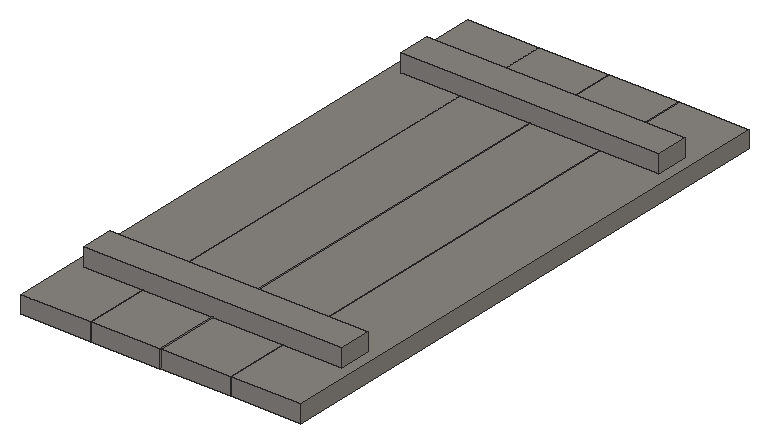
Revit family "Shutter-Wood-Fypon-Board_Batten", category Specialty Equipment, host Face, Revit 2017
Family settings
  Host = Face
  Round Connector Dimension = Use Diameter
  Part Type = Normal
  OmniClass Number = 23.30.60.11.14
  OmniClass Title = Exterior Shutters
  Cut with Voids When Loaded = No
  Shared = No
  Room Calculation Point = No
Parameters (values of type "default load type catalog")
  Z Batten = no
  Width = 2' - 0"
  URL = "http://www.fypon.com/default.asp"
  Type Comments = "default load type catalog"
  Specification = "http://www.fypon.com/csi-specification.aspx"
  Product Page URL = "http://www.fypon.com/products/shutters.asp"
  Product Name = "Board and Batten Shutter"  # constant formula
  Product Documentation Link = "http://www.fypon.com/docs/17_TimberStoneCatalog.pdf"
  Model = "default loat type catalog"
  Manufacturer = "Fypon"  # constant formula
  Height = 4' - 0"
  Finish = Wood-Fypon-Rough_Sawn
  End Batten Offset = if(End Batten, 0' 0", 0' 5 77/128")  # 0' - 5 77/128"
  End Batten = no
  Description = "Rough Sawn Cedar Shutters"  # constant formula
  Default Elevation = 4' - 0"
  Board Width = if([2 Board], Width / 2, if([3 Board], Width / 3, Width / 4))  # 0' - 6"
  Board Depth = 0' - 1 1/2"  # constant formula
  Assembly Code = "B20"
  4 Board = or(Width = 2' 0", Width > 2' 0")  # yes
  3rd Board = or([3 Board], [4 Board])  # yes
  3 Board = or(Width = 1' 2", and(Width < 2' 0", Width > 1' 2"))  # no
  3 Batten = no
  2 Board = Width < 1' 2"  # no
  2 Batten = not(or([3 Batten], End Batten))  # yes
Reference planes (in)
  plane 1 "Center (Front/Back)": y = 0
  plane 2: z = 0
  plane 3 "Center (Left/Right)": x = 0
  plane 4 "Left": x = -12
  plane 5 "Right": x = 12
  plane 6 "Top": y = 24
  plane 7 "Bottom": y = -24
  plane 8: z = 1.5
  plane 9 "Front": z = 3
  plane 10 "Board 1": x = -6
  plane 11 "Board 2": x = 0
  plane 12 "Board 3": x = 6
  plane 13 "Board 4": x = 12
  plane 14 "Top Batten": y = 18.39844
  plane 15 "Bottom Batten": y = -18.39844
Forms (in)
  Extrusion 1, solid, material "Wood-Fypon-Rough_Sawn" <- "Finish", detail levels fine
    sketch origin (0, 0, 0) x (1, 0, 0) y (0, 1, 0)
      loop
        line (-12, -24) -> (-6, -24) -> (-6, 24) -> (-12, 24) -> (-12, -24)
    from 0 to 1.5
  Extrusion 2, solid, material "Wood-Fypon-Rough_Sawn" <- "Finish", detail levels fine
    sketch origin (0, 0, 0) x (1, 0, 0) y (0, 1, 0)
      loop
        line (-6, -24) -> (0, -24) -> (0, 24) -> (-6, 24) -> (-6, -24)
    from 0 to 1.5
  Extrusion 3, solid, material "Wood-Fypon-Rough_Sawn" <- "Finish", visible <- "3rd Board", detail levels fine
    sketch origin (0, 0, 0) x (1, 0, 0) y (0, 1, 0)
      loop
        line (0, -24) -> (6, -24) -> (6, 24) -> (0, 24) -> (0, -24)
    from 0 to 1.5
  Extrusion 4, solid, material "Wood-Fypon-Rough_Sawn" <- "Finish", visible <- "4 Board", detail levels fine
    sketch origin (0, 0, 0) x (1, 0, 0) y (0, 1, 0)
      loop
        line (6, -24) -> (12, -24) -> (12, 24) -> (6, 24) -> (6, -24)
    from 0 to 1.5
  Extrusion 5, solid, material "Wood-Fypon-Rough_Sawn" <- "Finish", detail levels medium+fine
    sketch origin (0, 0, 0) x (1, 0, 0) y (0, 1, 0)
      loop
        line (-11.04, 15.59844) -> (11.04, 15.59844) -> (11.04, 18.39844) -> (-11.04, 18.39844) -> (-11.04, 15.59844)
      loop
        line (-11.04, -15.59844) -> (-11.04, -18.39844) -> (11.04, -18.39844) -> (11.04, -15.59844) -> (-11.04, -15.59844)
    from 1.5 to 3
  Extrusion 6, solid, material "Wood-Fypon-Rough_Sawn" <- "Finish", visible <- "3 Batten", detail levels medium+fine
    sketch origin (0, 0, 0) x (1, 0, 0) y (0, 1, 0)
      loop
        line (-11.04, 1.4) -> (-11.04, -1.4) -> (11.04, -1.4) -> (11.04, 1.4) -> (-11.04, 1.4)
    from 1.5 to 3
  Extrusion 7, solid, material "Wood-Fypon-Rough_Sawn" <- "Finish", visible <- "Z Batten", detail levels medium+fine
    sketch origin (0, 0, 0) x (1, 0, 0) y (0, 1, 0)
      loop
        line (-7.77062, -15.59844) -> (11.03497, 15.59844) -> (7.76559, 15.59844) -> (-11.04, -15.59844) -> (-7.77062, -15.59844)
    from 1.5 to 3
  Extrusion 8, solid, material "Wood-Fypon-Rough_Sawn" <- "Finish", detail levels coarse+medium
    sketch origin (0, 0, 0) x (1, 0, 0) y (0, 1, 0)
      loop
        line (-12, -24) -> (12, -24) -> (12, 24) -> (-12, 24) -> (-12, -24)
    from 0 to 1.5
Dimensions and locks (in)
  equal spacing: plane 6 "Top", plane 1 "Center (Front/Back)", plane 7 "Bottom"
  "Height": plane 6 "Top" to plane 7 "Bottom"
  equal spacing: plane 4 "Left", plane 3 "Center (Left/Right)", plane 5 "Right"
  "Width": plane 4 "Left" to plane 5 "Right"
  "Board Depth": plane 8 to level
  "Board Width": plane 4 "Left" to plane 10 "Board 1"
  "Board Width": plane 10 "Board 1" to plane 11 "Board 2"
  "Board Width": plane 11 "Board 2" to plane 12 "Board 3"
  "Board Width": plane 12 "Board 3" to plane 13 "Board 4"
  locked: plane 14 "Top Batten" to Extrusion 5 sketch curve at 2.8
  plane 4 "Left" to Extrusion 5 sketch curve to Extrusion 5 sketch curve = 0' - 0.96" locked, 0' - 0" locked
  Extrusion 5 sketch curve to Extrusion 5 sketch curve to plane 5 "Right" = 0' - 0" locked, 0' - 0.96" locked
  "End Batten Offset": plane 6 "Top" to plane 14 "Top Batten"
  "End Batten Offset": plane 15 "Bottom Batten" to plane 7 "Bottom"
  locked: Extrusion 5 sketch curve to plane 15 "Bottom Batten" at 2.8
  "Board Depth": plane 9 "Front" to plane 8
  Extrusion 6 sketch curve to plane 1 "Center (Front/Back)" to Extrusion 6 sketch curve = 0' - 1.4" locked, 0' - 1.4" locked
  locked: plane 4 "Left" to Extrusion 6 sketch curve at 0.96
  locked: Extrusion 6 sketch curve to plane 5 "Right" at 0.96
  locked: Extrusion 7 sketch curve to plane 15 "Bottom Batten" at 2.8
  locked: plane 14 "Top Batten" to Extrusion 7 sketch curve at 2.8
  locked: Extrusion 7 sketch curve to plane 5 "Right" at 0.96503
  locked: plane 4 "Left" to Extrusion 7 sketch curve at 0.96
  locked: Extrusion 7 sketch curve to Extrusion 7 sketch curve at 2.8
  aligned and locked: plane 2 to host face
  aligned and locked: level to host face
  aligned and locked: Extrusion 1 sketch curve to plane 7 "Bottom"
  aligned and locked: plane 4 "Left" to Extrusion 1 sketch curve
  aligned and locked: plane 6 "Top" to Extrusion 1 sketch curve
  aligned and locked: Extrusion 1 sketch curve to plane 10 "Board 1"
  aligned and locked: Extrusion 1 to level
  aligned and locked: plane 8 to Extrusion 1
  aligned and locked: plane 10 "Board 1" to Extrusion 2 sketch curve
  aligned and locked: plane 6 "Top" to Extrusion 2 sketch curve
  aligned and locked: Extrusion 2 sketch curve to plane 11 "Board 2"
  aligned and locked: Extrusion 2 sketch curve to plane 7 "Bottom"
  aligned and locked: Extrusion 2 to level
  aligned and locked: plane 8 to Extrusion 2
  aligned and locked: plane 11 "Board 2" to Extrusion 3 sketch curve
  aligned and locked: plane 6 "Top" to Extrusion 3 sketch curve
  aligned and locked: Extrusion 3 sketch curve to plane 12 "Board 3"
  aligned and locked: Extrusion 3 sketch curve to plane 7 "Bottom"
  aligned and locked: Extrusion 3 to level
  aligned and locked: plane 8 to Extrusion 3
  aligned and locked: plane 12 "Board 3" to Extrusion 4 sketch curve
  aligned and locked: plane 6 "Top" to Extrusion 4 sketch curve
  aligned and locked: Extrusion 4 sketch curve to plane 13 "Board 4"
  aligned and locked: Extrusion 4 sketch curve to plane 7 "Bottom"
  aligned and locked: Extrusion 4 to level
  aligned and locked: plane 8 to Extrusion 4
  aligned and locked: plane 14 "Top Batten" to Extrusion 5 sketch curve
  aligned and locked: Extrusion 5 to plane 8
  aligned and locked: plane 9 "Front" to Extrusion 5
  aligned and locked: plane 15 "Bottom Batten" to Extrusion 5 sketch curve
  aligned and locked: Extrusion 6 to plane 8
  aligned and locked: plane 9 "Front" to Extrusion 6
  aligned and locked: Extrusion 7 to plane 8
  aligned and locked: plane 9 "Front" to Extrusion 7
  aligned and locked: plane 4 "Left" to Extrusion 8 sketch curve
  aligned and locked: Extrusion 8 sketch curve to plane 5 "Right"
  aligned and locked: plane 6 "Top" to Extrusion 8 sketch curve
  aligned and locked: Extrusion 8 sketch curve to plane 7 "Bottom"
  aligned and locked: Extrusion 8 to level
  aligned and locked: plane 8 to Extrusion 8
Automatic sketch dimensions
  host sketch curve to host sketch curve = 8' - 0"  (x2)
Types in the file's own list only (144): name | Z Batten | Width | Type Comments | Model | Height | End Batten Offset | End Batten | Board Width | 4 Board | 3rd Board | 3 Board | 3 Batten | 2 Board | 2 Batten
  2 Batten 12 x 24 | No | 1' - 0" | "2 Board, 2 Batten" | "SH2PC12X24RS" | 2' - 0" | 0' - 5 19/32" | No | 0' - 6" | No | No | No | No | Yes | Yes
  2 Batten 12 x 36 | No | 1' - 0" | "2 Board, 2 Batten" | "SH2PC12X36RS" | 3' - 0" | 0' - 5 19/32" | No | 0' - 6" | No | No | No | No | Yes | Yes
  2 Batten 12 x 48 | No | 1' - 0" | "2 Board, 2 Batten" | "SH2PC12X48RS" | 4' - 0" | 0' - 5 19/32" | No | 0' - 6" | No | No | No | No | Yes | Yes
  2 Batten 12 x 60 | No | 1' - 0" | "2 Board, 2 Batten" | "SH2PC12X60RS" | 5' - 0" | 0' - 5 19/32" | No | 0' - 6" | No | No | No | No | Yes | Yes
  2 Batten 12 x 72 | No | 1' - 0" | "2 Board, 2 Batten" | "SH2PC12X72RS" | 6' - 0" | 0' - 5 19/32" | No | 0' - 6" | No | No | No | No | Yes | Yes
  2 Batten 12 x 84 | No | 1' - 0" | "2 Board, 2 Batten" | "SH2PC12X84RS" | 7' - 0" | 0' - 5 19/32" | No | 0' - 6" | No | No | No | No | Yes | Yes
  2 Batten 12 x 96 | No | 1' - 0" | "2 Board, 2 Batten" | "SH2PC12X96RS" | 8' - 0" | 0' - 5 19/32" | No | 0' - 6" | No | No | No | No | Yes | Yes
  2 Batten 12 x 108 | No | 1' - 0" | "2 Board, 2 Batten" | "SH2PC12X108RS" | 9' - 0" | 0' - 5 19/32" | No | 0' - 6" | No | No | No | No | Yes | Yes
  2 Batten 12 x 120 | No | 1' - 0" | "2 Board, 2 Batten" | "SH2PC12X120RS" | 10' - 0" | 0' - 5 19/32" | No | 0' - 6" | No | No | No | No | Yes | Yes
  3 Batten 12 x 24 | No | 1' - 0" | "2 Board, 3 Batten" | "SH2P3BC12X24RS" | 2' - 0" | 0' - 5 19/32" | No | 0' - 6" | No | No | No | Yes | Yes | No
  3 Batten 12 x 36 | No | 1' - 0" | "2 Board, 3 Batten" | "SH2P3BC12X36RS" | 3' - 0" | 0' - 5 19/32" | No | 0' - 6" | No | No | No | Yes | Yes | No
  3 Batten 12 x 48 | No | 1' - 0" | "2 Board, 3 Batten" | "SH2P3BC12X48RS" | 4' - 0" | 0' - 5 19/32" | No | 0' - 6" | No | No | No | Yes | Yes | No
  3 Batten 12 x 60 | No | 1' - 0" | "2 Board, 3 Batten" | "SH2P3BC12X60RS" | 5' - 0" | 0' - 5 19/32" | No | 0' - 6" | No | No | No | Yes | Yes | No
  3 Batten 12 x 72 | No | 1' - 0" | "2 Board, 3 Batten" | "SH2P3BC12X72RS" | 6' - 0" | 0' - 5 19/32" | No | 0' - 6" | No | No | No | Yes | Yes | No
  3 Batten 12 x 84 | No | 1' - 0" | "2 Board, 3 Batten" | "SH2P3BC12X84RS" | 7' - 0" | 0' - 5 19/32" | No | 0' - 6" | No | No | No | Yes | Yes | No
  3 Batten 12 x 96 | No | 1' - 0" | "2 Board, 3 Batten" | "SH2P3BC12X96RS" | 8' - 0" | 0' - 5 19/32" | No | 0' - 6" | No | No | No | Yes | Yes | No
  3 Batten 12 x 108 | No | 1' - 0" | "2 Board, 3 Batten" | "SH2P3BC12X108RS" | 9' - 0" | 0' - 5 19/32" | No | 0' - 6" | No | No | No | Yes | Yes | No
  3 Batten 12 x 120 | No | 1' - 0" | "2 Board, 3 Batten" | "SH2P3BC12X120RS" | 10' - 0" | 0' - 5 19/32" | No | 0' - 6" | No | No | No | Yes | Yes | No
  End Batten 12 x 24 | No | 1' - 0" | "2 Board, End Batten" | "SH2PEBC12X24RS" | 2' - 0" | 0' - 0" | Yes | 0' - 6" | No | No | No | No | Yes | No
  End Batten 12 x 36 | No | 1' - 0" | "2 Board, End Batten" | "SH2PEBC12X36RS" | 3' - 0" | 0' - 0" | Yes | 0' - 6" | No | No | No | No | Yes | No
  End Batten 12 x 48 | No | 1' - 0" | "2 Board, End Batten" | "SH2PEBC12X48RS" | 4' - 0" | 0' - 0" | Yes | 0' - 6" | No | No | No | No | Yes | No
  End Batten 12 x 60 | No | 1' - 0" | "2 Board, End Batten" | "SH2PEBC12X60RS" | 5' - 0" | 0' - 0" | Yes | 0' - 6" | No | No | No | No | Yes | No
  End Batten 12 x 72 | No | 1' - 0" | "2 Board, End Batten" | "SH2PEBC12X72RS" | 6' - 0" | 0' - 0" | Yes | 0' - 6" | No | No | No | No | Yes | No
  End Batten 12 x 84 | No | 1' - 0" | "2 Board, End Batten" | "SH2PEBC12X84RS" | 7' - 0" | 0' - 0" | Yes | 0' - 6" | No | No | No | No | Yes | No
  End Batten 12 x 96 | No | 1' - 0" | "2 Board, End Batten" | "SH2PEBC12X96RS" | 8' - 0" | 0' - 0" | Yes | 0' - 6" | No | No | No | No | Yes | No
  End Batten 12 x 108 | No | 1' - 0" | "2 Board, End Batten" | "SH2PEBC12X108RS" | 9' - 0" | 0' - 0" | Yes | 0' - 6" | No | No | No | No | Yes | No
  End Batten 12 x 120 | No | 1' - 0" | "2 Board, End Batten" | "SH2PEBC12X120RS" | 10' - 0" | 0' - 0" | Yes | 0' - 6" | No | No | No | No | Yes | No
  Z Batten 12 x 24 | Yes | 1' - 0" | "2 Board, Z Batten" | "SH2PZC12X24RS" | 2' - 0" | 0' - 5 19/32" | No | 0' - 6" | No | No | No | No | Yes | Yes
  Z Batten 12 x 36 | Yes | 1' - 0" | "2 Board, Z Batten" | "SH2PZC12X36RS" | 3' - 0" | 0' - 5 19/32" | No | 0' - 6" | No | No | No | No | Yes | Yes
  Z Batten 12 x 48 | Yes | 1' - 0" | "2 Board, Z Batten" | "SH2PZC12X48RS" | 4' - 0" | 0' - 5 19/32" | No | 0' - 6" | No | No | No | No | Yes | Yes
  Z Batten 12 x 60 | Yes | 1' - 0" | "2 Board, Z Batten" | "SH2PZC12X60RS" | 5' - 0" | 0' - 5 19/32" | No | 0' - 6" | No | No | No | No | Yes | Yes
  Z Batten 12 x 72 | Yes | 1' - 0" | "2 Board, Z Batten" | "SH2PZC12X72RS" | 6' - 0" | 0' - 5 19/32" | No | 0' - 6" | No | No | No | No | Yes | Yes
  Z Batten 12 x 84 | Yes | 1' - 0" | "2 Board, Z Batten" | "SH2PZC12X84RS" | 7' - 0" | 0' - 5 19/32" | No | 0' - 6" | No | No | No | No | Yes | Yes
  Z Batten 12 x 96 | Yes | 1' - 0" | "2 Board, Z Batten" | "SH2PZC12X96RS" | 8' - 0" | 0' - 5 19/32" | No | 0' - 6" | No | No | No | No | Yes | Yes
  Z Batten 12 x 108 | Yes | 1' - 0" | "2 Board, Z Batten" | "SH2PZC12X108RS" | 9' - 0" | 0' - 5 19/32" | No | 0' - 6" | No | No | No | No | Yes | Yes
  Z Batten 12 x 120 | Yes | 1' - 0" | "2 Board, Z Batten" | "SH2PZC12X120RS" | 10' - 0" | 0' - 5 19/32" | No | 0' - 6" | No | No | No | No | Yes | Yes
  2 Batten 14 x 24 | No | 1' - 2" | "3 Board, 2 Batten" | "SH3PC14X24RS" | 2' - 0" | 0' - 5 19/32" | No | 0' - 4 21/32" | No | Yes | Yes | No | No | Yes
  2 Batten 14 x 36 | No | 1' - 2" | "3 Board, 2 Batten" | "SH3PC14X36RS" | 3' - 0" | 0' - 5 19/32" | No | 0' - 4 21/32" | No | Yes | Yes | No | No | Yes
  2 Batten 14 x 48 | No | 1' - 2" | "3 Board, 2 Batten" | "SH3PC14X48RS" | 4' - 0" | 0' - 5 19/32" | No | 0' - 4 21/32" | No | Yes | Yes | No | No | Yes
  2 Batten 14 x 60 | No | 1' - 2" | "3 Board, 2 Batten" | "SH3PC14X60RS" | 5' - 0" | 0' - 5 19/32" | No | 0' - 4 21/32" | No | Yes | Yes | No | No | Yes
  2 Batten 14 x 72 | No | 1' - 2" | "3 Board, 2 Batten" | "SH3PC14X72RS" | 6' - 0" | 0' - 5 19/32" | No | 0' - 4 21/32" | No | Yes | Yes | No | No | Yes
  2 Batten 14 x 84 | No | 1' - 2" | "3 Board, 2 Batten" | "SH3PC14X84RS" | 7' - 0" | 0' - 5 19/32" | No | 0' - 4 21/32" | No | Yes | Yes | No | No | Yes
  2 Batten 14 x 96 | No | 1' - 2" | "3 Board, 2 Batten" | "SH3PC14X96RS" | 8' - 0" | 0' - 5 19/32" | No | 0' - 4 21/32" | No | Yes | Yes | No | No | Yes
  2 Batten 14 x 108 | No | 1' - 2" | "3 Board, 2 Batten" | "SH3PC14X108RS" | 9' - 0" | 0' - 5 19/32" | No | 0' - 4 21/32" | No | Yes | Yes | No | No | Yes
  2 Batten 14 x 120 | No | 1' - 2" | "3 Board, 2 Batten" | "SH3PC14X120RS" | 10' - 0" | 0' - 5 19/32" | No | 0' - 4 21/32" | No | Yes | Yes | No | No | Yes
  3 Batten 14 x 24 | No | 1' - 2" | "3 Board, 3 Batten" | "SH3P3BC14X24RS" | 2' - 0" | 0' - 5 19/32" | No | 0' - 4 21/32" | No | Yes | Yes | Yes | No | No
  3 Batten 14 x 36 | No | 1' - 2" | "3 Board, 3 Batten" | "SH3P3BC14X36RS" | 3' - 0" | 0' - 5 19/32" | No | 0' - 4 21/32" | No | Yes | Yes | Yes | No | No
  3 Batten 14 x 48 | No | 1' - 2" | "3 Board, 3 Batten" | "SH3P3BC14X48RS" | 4' - 0" | 0' - 5 19/32" | No | 0' - 4 21/32" | No | Yes | Yes | Yes | No | No
  3 Batten 14 x 60 | No | 1' - 2" | "3 Board, 3 Batten" | "SH3P3BC14X60RS" | 5' - 0" | 0' - 5 19/32" | No | 0' - 4 21/32" | No | Yes | Yes | Yes | No | No
  3 Batten 14 x 72 | No | 1' - 2" | "3 Board, 3 Batten" | "SH3P3BC14X72RS" | 6' - 0" | 0' - 5 19/32" | No | 0' - 4 21/32" | No | Yes | Yes | Yes | No | No
  3 Batten 14 x 84 | No | 1' - 2" | "3 Board, 3 Batten" | "SH3P3BC14X84RS" | 7' - 0" | 0' - 5 19/32" | No | 0' - 4 21/32" | No | Yes | Yes | Yes | No | No
  3 Batten 14 x 96 | No | 1' - 2" | "3 Board, 3 Batten" | "SH3P3BC14X96RS" | 8' - 0" | 0' - 5 19/32" | No | 0' - 4 21/32" | No | Yes | Yes | Yes | No | No
  3 Batten 14 x 108 | No | 1' - 2" | "3 Board, 3 Batten" | "SH3P3BC14X108RS" | 9' - 0" | 0' - 5 19/32" | No | 0' - 4 21/32" | No | Yes | Yes | Yes | No | No
  3 Batten 14 x 120 | No | 1' - 2" | "3 Board, 3 Batten" | "SH3P3BC14X120RS" | 10' - 0" | 0' - 5 19/32" | No | 0' - 4 21/32" | No | Yes | Yes | Yes | No | No
  End Batten 14 x 24 | No | 1' - 2" | "3 Board, End Batten" | "SH3PEBC14X24RS" | 2' - 0" | 0' - 0" | Yes | 0' - 4 21/32" | No | Yes | Yes | No | No | No
  End Batten 14 x 36 | No | 1' - 2" | "3 Board, End Batten" | "SH3PEBC14X36RS" | 3' - 0" | 0' - 0" | Yes | 0' - 4 21/32" | No | Yes | Yes | No | No | No
  End Batten 14 x 48 | No | 1' - 2" | "3 Board, End Batten" | "SH3PEBC14X48RS" | 4' - 0" | 0' - 0" | Yes | 0' - 4 21/32" | No | Yes | Yes | No | No | No
  End Batten 14 x 60 | No | 1' - 2" | "3 Board, End Batten" | "SH3PEBC14X60RS" | 5' - 0" | 0' - 0" | Yes | 0' - 4 21/32" | No | Yes | Yes | No | No | No
  End Batten 14 x 72 | No | 1' - 2" | "3 Board, End Batten" | "SH3PEBC14X72RS" | 6' - 0" | 0' - 0" | Yes | 0' - 4 21/32" | No | Yes | Yes | No | No | No
  End Batten 14 x 84 | No | 1' - 2" | "3 Board, End Batten" | "SH3PEBC14X84RS" | 7' - 0" | 0' - 0" | Yes | 0' - 4 21/32" | No | Yes | Yes | No | No | No
  End Batten 14 x 96 | No | 1' - 2" | "3 Board, End Batten" | "SH3PEBC14X96RS" | 8' - 0" | 0' - 0" | Yes | 0' - 4 21/32" | No | Yes | Yes | No | No | No
  End Batten 14 x 108 | No | 1' - 2" | "3 Board, End Batten" | "SH3PEBC14X108RS" | 9' - 0" | 0' - 0" | Yes | 0' - 4 21/32" | No | Yes | Yes | No | No | No
  End Batten 14 x 120 | No | 1' - 2" | "3 Board, End Batten" | "SH3PEBC14X120RS" | 10' - 0" | 0' - 0" | Yes | 0' - 4 21/32" | No | Yes | Yes | No | No | No
  Z Batten 14 x 24 | Yes | 1' - 2" | "3 Board, Z Batten" | "SH3PZC14X24RS" | 2' - 0" | 0' - 5 19/32" | No | 0' - 4 21/32" | No | Yes | Yes | No | No | Yes
  Z Batten 14 x 36 | Yes | 1' - 2" | "3 Board, Z Batten" | "SH3PZC14X36RS" | 3' - 0" | 0' - 5 19/32" | No | 0' - 4 21/32" | No | Yes | Yes | No | No | Yes
  Z Batten 14 x 48 | Yes | 1' - 2" | "3 Board, Z Batten" | "SH3PZC14X48RS" | 4' - 0" | 0' - 5 19/32" | No | 0' - 4 21/32" | No | Yes | Yes | No | No | Yes
  Z Batten 14 x 60 | Yes | 1' - 2" | "3 Board, Z Batten" | "SH3PZC14X60RS" | 5' - 0" | 0' - 5 19/32" | No | 0' - 4 21/32" | No | Yes | Yes | No | No | Yes
  Z Batten 14 x 72 | Yes | 1' - 2" | "3 Board, Z Batten" | "SH3PZC14X72RS" | 6' - 0" | 0' - 5 19/32" | No | 0' - 4 21/32" | No | Yes | Yes | No | No | Yes
  Z Batten 14 x 84 | Yes | 1' - 2" | "3 Board, Z Batten" | "SH3PZC14X84RS" | 7' - 0" | 0' - 5 19/32" | No | 0' - 4 21/32" | No | Yes | Yes | No | No | Yes
  Z Batten 14 x 96 | Yes | 1' - 2" | "3 Board, Z Batten" | "SH3PZC14X96RS" | 8' - 0" | 0' - 5 19/32" | No | 0' - 4 21/32" | No | Yes | Yes | No | No | Yes
  Z Batten 14 x 108 | Yes | 1' - 2" | "3 Board, Z Batten" | "SH3PZC14X108RS" | 9' - 0" | 0' - 5 19/32" | No | 0' - 4 21/32" | No | Yes | Yes | No | No | Yes
  Z Batten 14 x 120 | Yes | 1' - 2" | "3 Board, Z Batten" | "SH3PZC14X120RS" | 10' - 0" | 0' - 5 19/32" | No | 0' - 4 21/32" | No | Yes | Yes | No | No | Yes
  2 Batten 18 x 24 | No | 1' - 6" | "3 Board, 2 Batten" | "SH3PC18X24RS" | 2' - 0" | 0' - 5 19/32" | No | 0' - 6" | No | Yes | Yes | No | No | Yes
  2 Batten 18 x 36 | No | 1' - 6" | "3 Board, 2 Batten" | "SH3PC18X36RS" | 3' - 0" | 0' - 5 19/32" | No | 0' - 6" | No | Yes | Yes | No | No | Yes
  2 Batten 18 x 48 | No | 1' - 6" | "3 Board, 2 Batten" | "SH3PC18X48RS" | 4' - 0" | 0' - 5 19/32" | No | 0' - 6" | No | Yes | Yes | No | No | Yes
  2 Batten 18 x 60 | No | 1' - 6" | "3 Board, 2 Batten" | "SH3PC18X60RS" | 5' - 0" | 0' - 5 19/32" | No | 0' - 6" | No | Yes | Yes | No | No | Yes
  2 Batten 18 x 72 | No | 1' - 6" | "3 Board, 2 Batten" | "SH3PC18X72RS" | 6' - 0" | 0' - 5 19/32" | No | 0' - 6" | No | Yes | Yes | No | No | Yes
  2 Batten 18 x 84 | No | 1' - 6" | "3 Board, 2 Batten" | "SH3PC18X84RS" | 7' - 0" | 0' - 5 19/32" | No | 0' - 6" | No | Yes | Yes | No | No | Yes
  2 Batten 18 x 96 | No | 1' - 6" | "3 Board, 2 Batten" | "SH3PC18X96RS" | 8' - 0" | 0' - 5 19/32" | No | 0' - 6" | No | Yes | Yes | No | No | Yes
  2 Batten 18 x 108 | No | 1' - 6" | "3 Board, 2 Batten" | "SH3PC18X108RS" | 9' - 0" | 0' - 5 19/32" | No | 0' - 6" | No | Yes | Yes | No | No | Yes
  2 Batten 18 x 120 | No | 1' - 6" | "3 Board, 2 Batten" | "SH3PC18X120RS" | 10' - 0" | 0' - 5 19/32" | No | 0' - 6" | No | Yes | Yes | No | No | Yes
  3 Batten 18 x 24 | No | 1' - 6" | "3 Board, 3 Batten" | "SH3P3BC18X24RS" | 2' - 0" | 0' - 5 19/32" | No | 0' - 6" | No | Yes | Yes | Yes | No | No
  3 Batten 18 x 36 | No | 1' - 6" | "3 Board, 3 Batten" | "SH3P3BC18X36RS" | 3' - 0" | 0' - 5 19/32" | No | 0' - 6" | No | Yes | Yes | Yes | No | No
  3 Batten 18 x 48 | No | 1' - 6" | "3 Board, 3 Batten" | "SH3P3BC18X48RS" | 4' - 0" | 0' - 5 19/32" | No | 0' - 6" | No | Yes | Yes | Yes | No | No
  3 Batten 18 x 60 | No | 1' - 6" | "3 Board, 3 Batten" | "SH3P3BC18X60RS" | 5' - 0" | 0' - 5 19/32" | No | 0' - 6" | No | Yes | Yes | Yes | No | No
  3 Batten 18 x 72 | No | 1' - 6" | "3 Board, 3 Batten" | "SH3P3BC18X72RS" | 6' - 0" | 0' - 5 19/32" | No | 0' - 6" | No | Yes | Yes | Yes | No | No
  3 Batten 18 x 84 | No | 1' - 6" | "3 Board, 3 Batten" | "SH3P3BC18X84RS" | 7' - 0" | 0' - 5 19/32" | No | 0' - 6" | No | Yes | Yes | Yes | No | No
  3 Batten 18 x 96 | No | 1' - 6" | "3 Board, 3 Batten" | "SH3P3BC18X96RS" | 8' - 0" | 0' - 5 19/32" | No | 0' - 6" | No | Yes | Yes | Yes | No | No
  3 Batten 18 x 108 | No | 1' - 6" | "3 Board, 3 Batten" | "SH3P3BC18X108RS" | 9' - 0" | 0' - 5 19/32" | No | 0' - 6" | No | Yes | Yes | Yes | No | No
  3 Batten 18 x 120 | No | 1' - 6" | "3 Board, 3 Batten" | "SH3P3BC18X120RS" | 10' - 0" | 0' - 5 19/32" | No | 0' - 6" | No | Yes | Yes | Yes | No | No
  End Batten 18 x 24 | No | 1' - 6" | "3 Board, End Batten" | "SH3PEBC18X24RS" | 2' - 0" | 0' - 0" | Yes | 0' - 6" | No | Yes | Yes | No | No | No
  End Batten 18 x 36 | No | 1' - 6" | "3 Board, End Batten" | "SH3PEBC18X36RS" | 3' - 0" | 0' - 0" | Yes | 0' - 6" | No | Yes | Yes | No | No | No
  End Batten 18 x 48 | No | 1' - 6" | "3 Board, End Batten" | "SH3PEBC18X48RS" | 4' - 0" | 0' - 0" | Yes | 0' - 6" | No | Yes | Yes | No | No | No
  End Batten 18 x 60 | No | 1' - 6" | "3 Board, End Batten" | "SH3PEBC18X60RS" | 5' - 0" | 0' - 0" | Yes | 0' - 6" | No | Yes | Yes | No | No | No
  End Batten 18 x 72 | No | 1' - 6" | "3 Board, End Batten" | "SH3PEBC18X72RS" | 6' - 0" | 0' - 0" | Yes | 0' - 6" | No | Yes | Yes | No | No | No
  End Batten 18 x 84 | No | 1' - 6" | "3 Board, End Batten" | "SH3PEBC18X84RS" | 7' - 0" | 0' - 0" | Yes | 0' - 6" | No | Yes | Yes | No | No | No
  End Batten 18 x 96 | No | 1' - 6" | "3 Board, End Batten" | "SH3PEBC18X96RS" | 8' - 0" | 0' - 0" | Yes | 0' - 6" | No | Yes | Yes | No | No | No
  End Batten 18 x 108 | No | 1' - 6" | "3 Board, End Batten" | "SH3PEBC18X108RS" | 9' - 0" | 0' - 0" | Yes | 0' - 6" | No | Yes | Yes | No | No | No
  End Batten 18 x 120 | No | 1' - 6" | "3 Board, End Batten" | "SH3PEBC18X120RS" | 10' - 0" | 0' - 0" | Yes | 0' - 6" | No | Yes | Yes | No | No | No
  Z Batten 18 x 24 | Yes | 1' - 6" | "3 Board, Z Batten" | "SH3PZC18X24RS" | 2' - 0" | 0' - 5 19/32" | No | 0' - 6" | No | Yes | Yes | No | No | Yes
  Z Batten 18 x 36 | Yes | 1' - 6" | "3 Board, Z Batten" | "SH3PZC18X36RS" | 3' - 0" | 0' - 5 19/32" | No | 0' - 6" | No | Yes | Yes | No | No | Yes
  Z Batten 18 x 48 | Yes | 1' - 6" | "3 Board, Z Batten" | "SH3PZC18X48RS" | 4' - 0" | 0' - 5 19/32" | No | 0' - 6" | No | Yes | Yes | No | No | Yes
  Z Batten 18 x 60 | Yes | 1' - 6" | "3 Board, Z Batten" | "SH3PZC18X60RS" | 5' - 0" | 0' - 5 19/32" | No | 0' - 6" | No | Yes | Yes | No | No | Yes
  Z Batten 18 x 72 | Yes | 1' - 6" | "3 Board, Z Batten" | "SH3PZC18X72RS" | 6' - 0" | 0' - 5 19/32" | No | 0' - 6" | No | Yes | Yes | No | No | Yes
  Z Batten 18 x 84 | Yes | 1' - 6" | "3 Board, Z Batten" | "SH3PZC18X84RS" | 7' - 0" | 0' - 5 19/32" | No | 0' - 6" | No | Yes | Yes | No | No | Yes
  Z Batten 18 x 96 | Yes | 1' - 6" | "3 Board, Z Batten" | "SH3PZC18X96RS" | 8' - 0" | 0' - 5 19/32" | No | 0' - 6" | No | Yes | Yes | No | No | Yes
  Z Batten 18 x 108 | Yes | 1' - 6" | "3 Board, Z Batten" | "SH3PZC18X108RS" | 9' - 0" | 0' - 5 19/32" | No | 0' - 6" | No | Yes | Yes | No | No | Yes
  Z Batten 18 x 120 | Yes | 1' - 6" | "3 Board, Z Batten" | "SH3PZC18X120RS" | 10' - 0" | 0' - 5 19/32" | No | 0' - 6" | No | Yes | Yes | No | No | Yes
  2 Batten 24 x 24 | No | 2' - 0" | "4 Board, 2 Batten" | "SH4PC24X24RS" | 2' - 0" | 0' - 5 19/32" | No | 0' - 6" | Yes | Yes | No | No | No | Yes
  2 Batten 24 x 36 | No | 2' - 0" | "4 Board, 2 Batten" | "SH4PC24X36RS" | 3' - 0" | 0' - 5 19/32" | No | 0' - 6" | Yes | Yes | No | No | No | Yes
  2 Batten 24 x 48 | No | 2' - 0" | "4 Board, 2 Batten" | "SH4PC24X48RS" | 4' - 0" | 0' - 5 19/32" | No | 0' - 6" | Yes | Yes | No | No | No | Yes
  2 Batten 24 x 60 | No | 2' - 0" | "4 Board, 2 Batten" | "SH4PC24X60RS" | 5' - 0" | 0' - 5 19/32" | No | 0' - 6" | Yes | Yes | No | No | No | Yes
  2 Batten 24 x 72 | No | 2' - 0" | "4 Board, 2 Batten" | "SH4PC24X72RS" | 6' - 0" | 0' - 5 19/32" | No | 0' - 6" | Yes | Yes | No | No | No | Yes
  2 Batten 24 x 84 | No | 2' - 0" | "4 Board, 2 Batten" | "SH4PC24X84RS" | 7' - 0" | 0' - 5 19/32" | No | 0' - 6" | Yes | Yes | No | No | No | Yes
  2 Batten 24 x 96 | No | 2' - 0" | "4 Board, 2 Batten" | "SH4PC24X96RS" | 8' - 0" | 0' - 5 19/32" | No | 0' - 6" | Yes | Yes | No | No | No | Yes
  2 Batten 24 x 108 | No | 2' - 0" | "4 Board, 2 Batten" | "SH4PC24X108RS" | 9' - 0" | 0' - 5 19/32" | No | 0' - 6" | Yes | Yes | No | No | No | Yes
  2 Batten 24 x 120 | No | 2' - 0" | "4 Board, 2 Batten" | "SH4PC24X120RS" | 10' - 0" | 0' - 5 19/32" | No | 0' - 6" | Yes | Yes | No | No | No | Yes
  3 Batten 24 x 24 | No | 2' - 0" | "4 Board, 3 Batten" | "SH4P4BC24X24RS" | 2' - 0" | 0' - 5 19/32" | No | 0' - 6" | Yes | Yes | No | Yes | No | No
  3 Batten 24 x 36 | No | 2' - 0" | "4 Board, 3 Batten" | "SH4P4BC24X36RS" | 3' - 0" | 0' - 5 19/32" | No | 0' - 6" | Yes | Yes | No | Yes | No | No
  3 Batten 24 x 48 | No | 2' - 0" | "4 Board, 3 Batten" | "SH4P4BC24X48RS" | 4' - 0" | 0' - 5 19/32" | No | 0' - 6" | Yes | Yes | No | Yes | No | No
  3 Batten 24 x 60 | No | 2' - 0" | "4 Board, 3 Batten" | "SH4P4BC24X60RS" | 5' - 0" | 0' - 5 19/32" | No | 0' - 6" | Yes | Yes | No | Yes | No | No
  3 Batten 24 x 72 | No | 2' - 0" | "4 Board, 3 Batten" | "SH4P4BC24X72RS" | 6' - 0" | 0' - 5 19/32" | No | 0' - 6" | Yes | Yes | No | Yes | No | No
  3 Batten 24 x 84 | No | 2' - 0" | "4 Board, 3 Batten" | "SH4P4BC24X84RS" | 7' - 0" | 0' - 5 19/32" | No | 0' - 6" | Yes | Yes | No | Yes | No | No
  3 Batten 24 x 96 | No | 2' - 0" | "4 Board, 3 Batten" | "SH4P4BC24X96RS" | 8' - 0" | 0' - 5 19/32" | No | 0' - 6" | Yes | Yes | No | Yes | No | No
  3 Batten 24 x 108 | No | 2' - 0" | "4 Board, 3 Batten" | "SH4P4BC24X108RS" | 9' - 0" | 0' - 5 19/32" | No | 0' - 6" | Yes | Yes | No | Yes | No | No
  3 Batten 24 x 120 | No | 2' - 0" | "4 Board, 3 Batten" | "SH4P4BC24X120RS" | 10' - 0" | 0' - 5 19/32" | No | 0' - 6" | Yes | Yes | No | Yes | No | No
  End Batten 24 x 24 | No | 2' - 0" | "4 Board, End Batten" | "SH4PEBC24X24RS" | 2' - 0" | 0' - 0" | Yes | 0' - 6" | Yes | Yes | No | No | No | No
  End Batten 24 x 36 | No | 2' - 0" | "4 Board, End Batten" | "SH4PEBC24X36RS" | 3' - 0" | 0' - 0" | Yes | 0' - 6" | Yes | Yes | No | No | No | No
  End Batten 24 x 48 | No | 2' - 0" | "4 Board, End Batten" | "SH4PEBC24X48RS" | 4' - 0" | 0' - 0" | Yes | 0' - 6" | Yes | Yes | No | No | No | No
  End Batten 24 x 60 | No | 2' - 0" | "4 Board, End Batten" | "SH4PEBC24X60RS" | 5' - 0" | 0' - 0" | Yes | 0' - 6" | Yes | Yes | No | No | No | No
  End Batten 24 x 72 | No | 2' - 0" | "4 Board, End Batten" | "SH4PEBC24X72RS" | 6' - 0" | 0' - 0" | Yes | 0' - 6" | Yes | Yes | No | No | No | No
  End Batten 24 x 84 | No | 2' - 0" | "4 Board, End Batten" | "SH4PEBC24X84RS" | 7' - 0" | 0' - 0" | Yes | 0' - 6" | Yes | Yes | No | No | No | No
  End Batten 24 x 96 | No | 2' - 0" | "4 Board, End Batten" | "SH4PEBC24X96RS" | 8' - 0" | 0' - 0" | Yes | 0' - 6" | Yes | Yes | No | No | No | No
  End Batten 24 x 108 | No | 2' - 0" | "4 Board, End Batten" | "SH4PEBC24X108RS" | 9' - 0" | 0' - 0" | Yes | 0' - 6" | Yes | Yes | No | No | No | No
  End Batten 24 x 120 | No | 2' - 0" | "4 Board, End Batten" | "SH4PEBC24X120RS" | 10' - 0" | 0' - 0" | Yes | 0' - 6" | Yes | Yes | No | No | No | No
  Z Batten 24 x 24 | Yes | 2' - 0" | "4 Board, Z Batten" | "SH4PZC24X24RS" | 2' - 0" | 0' - 5 19/32" | No | 0' - 6" | Yes | Yes | No | No | No | Yes
  Z Batten 24 x 36 | Yes | 2' - 0" | "4 Board, Z Batten" | "SH4PZC24X36RS" | 3' - 0" | 0' - 5 19/32" | No | 0' - 6" | Yes | Yes | No | No | No | Yes
  Z Batten 24 x 48 | Yes | 2' - 0" | "4 Board, Z Batten" | "SH4PZC24X48RS" | 4' - 0" | 0' - 5 19/32" | No | 0' - 6" | Yes | Yes | No | No | No | Yes
  Z Batten 24 x 60 | Yes | 2' - 0" | "4 Board, Z Batten" | "SH4PZC24X60RS" | 5' - 0" | 0' - 5 19/32" | No | 0' - 6" | Yes | Yes | No | No | No | Yes
  Z Batten 24 x 72 | Yes | 2' - 0" | "4 Board, Z Batten" | "SH4PZC24X72RS" | 6' - 0" | 0' - 5 19/32" | No | 0' - 6" | Yes | Yes | No | No | No | Yes
  Z Batten 24 x 84 | Yes | 2' - 0" | "4 Board, Z Batten" | "SH4PZC24X84RS" | 7' - 0" | 0' - 5 19/32" | No | 0' - 6" | Yes | Yes | No | No | No | Yes
  Z Batten 24 x 96 | Yes | 2' - 0" | "4 Board, Z Batten" | "SH4PZC24X96RS" | 8' - 0" | 0' - 5 19/32" | No | 0' - 6" | Yes | Yes | No | No | No | Yes
  Z Batten 24 x 108 | Yes | 2' - 0" | "4 Board, Z Batten" | "SH4PZC24X108RS" | 9' - 0" | 0' - 5 19/32" | No | 0' - 6" | Yes | Yes | No | No | No | Yes
  Z Batten 24 x 120 | Yes | 2' - 0" | "4 Board, Z Batten" | "SH4PZC24X120RS" | 10' - 0" | 0' - 5 19/32" | No | 0' - 6" | Yes | Yes | No | No | No | Yes
